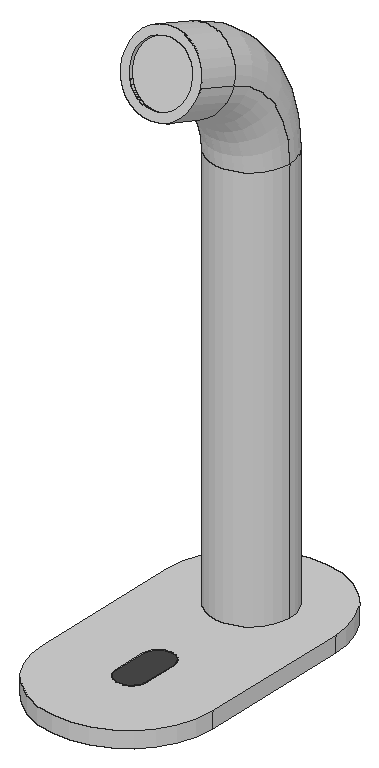
Revit family "LIANO II SENSOR 175 WALL OUTLET SALES KIT", category Specialty Equipment, host Face, Revit 2019
Family settings
  Host = Face
  Round Connector Dimension = Use Radius
  Part Type = Normal
  OmniClass Number = 23.45.55.14
  OmniClass Title = Single Faucets
  Cut with Voids When Loaded = No
  Shared = No
  Room Calculation Point = No
Parameters (values of type "LIANO II SENSOR 175 WALL OUTLET SALES KIT – Chrome")
  URL = "https://www.caroma.com.au/"
  Model = "96386C6A"
  Material_Sensor = GWA-Acrylic-Black
  Material_Base = GWA_Metal-Chrome
  Manufacturer = "GWA Bathrooms & Kitchens"  # constant formula
  Keynote = ""
  Description = "LIANO II SENSOR 175 WALL OUTLET SALES KIT – Chrome"
  Default Elevation = 1000.00 mm
  CreatedBy_ANZRS = "GWA Bathrooms & Kitchens"  # constant formula
  Assembly Code = "C1030220"
Types (6, lengths in mm): name | Model | Material_Base | Description
  (no name) | "96386C6A" | GWA_Metal-Chrome | "LIANO II SENSOR 175 WALL OUTLET SALES KIT – Chrome"
  LIANO II SENSOR 175 WALL OUTLET SALES KIT – Chrome | "96386C6A" | GWA_Metal-Chrome | "LIANO II SENSOR 175 WALL OUTLET SALES KIT – Chrome"
  LIANO II SENSOR 175 WALL OUTLET SALES KIT – Matte Black | "96386B6A" | GWA-Metal-Black | "LIANO II SENSOR 175 WALL OUTLET SALES KIT – Matte Black"
  LIANO II SENSOR 175 WALL OUTLET SALES KIT – Brushed Brass | "96386BB6A" | GWA_Metal-Brushed-Brass | "LIANO II SENSOR 175 WALL OUTLET SALES KIT – Brushed Brass"
  LIANO II SENSOR 175 WALL OUTLET SALES KIT – Gunmetal | "96386GM6A" | GWA-Metal-Gunmetal Grey | "LIANO II SENSOR 175 WALL OUTLET SALES KIT – Gunmetal"
  LIANO II SENSOR 175 WALL OUTLET SALES KIT – Brushed Nickel | "96386BN6A" | GWA_Metal-Brushed-Nickel | "LIANO II SENSOR 175 WALL OUTLET SALES KIT – Brushed Nickel"
Reference planes
  plane 1 "Center (Front/Back)": y = 0
  plane 2: z = 0
  plane 3 "Center (Left/Right)": x = 0
  plane 4 "outletend": through (0, -32.256, 187.334) normal (0, 0.9397, -0.342)
Forms (mm)
  Extrusion 1, solid, material "GWA_Metal-Chrome" <- "Material_Base"
    sketch origin (0, 0, 0) x (1, 0, 0) y (0, 1, 0)
      loop
        arc (27.5, 0) -> (0, 27.5) -> (-27.5, 0) r 27.5
        line (-27.5, 0) -> (-27.5, -50)
        arc (-27.5, -50) -> (0, -77.5) -> (27.5, -50) r 27.5
        line (27.5, -50) -> (27.5, 0)
      loop
        arc (-5, -48.9) -> (0, -53.9) -> (5, -48.9) r 5
        line (5, -48.9) -> (5, -37.9)
        arc (5, -37.9) -> (0, -32.9) -> (-5, -37.9) r 5
        line (-5, -37.9) -> (-5, -48.9)
    from 0 to 5.2
  Sweep 2, solid, material "GWA_Metal-Chrome" <- "Material_Base"
    path origin (0, 0, 0) x (0, 1, 0) y (0, 0, 1)
      loop
        line (0, 5.2) -> (0, 137.571)
        arc (0, 137.571) -> (-6.33, 157.647) -> (-23.029, 170.461) r 35
        line (-23.029, 170.461) -> (-36.6, 175.4)
    profile origin (0, 0, 71.386) x (0, -1, 0) y (1, 0, 0)
      loop
        circle (0, 0) r 12.7
  Extrusion 3, void
    sketch origin (0, -88.691, 32.281) x (0, 0.34202, 0.939693) y (1, 0, 0)
      loop
        circle (152.304, 0) r 10
    from -1 to 1
  Extrusion 4, solid, material "GWA-Acrylic-Black" <- "Material_Sensor"
    sketch origin (0, 0, 0) x (1, 0, 0) y (0, 1, 0)
      loop
        arc (5, -37.9) -> (0, -32.9) -> (-5, -37.9) r 5
        line (-5, -37.9) -> (-5, -48.9)
        arc (-5, -48.9) -> (0, -53.9) -> (5, -48.9) r 5
        line (5, -48.9) -> (5, -37.9)
    from 0 to 5.2
Cuts and joins
  Extrusion 3 cuts Sweep 2
Lines and regions (mm)
  Masking region 1
    outline origin (0, 0, 0) x (1, 0, 0) y (0, 1, 0)
      loop
        arc (27.5, 0) -> (0, 27.5) -> (-27.5, 0) r 27.5
        line (-27.5, 0) -> (-27.5, -50)
        arc (-27.5, -50) -> (0, -77.5) -> (27.5, -50) r 27.5
        line (27.5, -50) -> (27.5, 0)
  Masking region 2
    outline origin (-50, 0, 0) x (0, 0, -1) y (0, -1, 0)
      loop
        line (-5.2, 12.7) -> (-137.571, 12.7)
        arc (-137.571, 12.7) -> (-150.362, 16.733) -> (-158.527, 27.373) r 22.3
        line (-158.527, 27.373) -> (-163.466, 40.944) -> (-187.334, 32.256) -> (-182.395, 18.686)
        arc (-182.395, 18.686) -> (-164.931, -4.074) -> (-137.571, -12.7) r 47.7
        line (-137.571, -12.7) -> (-5.2, -12.7) -> (-5.2, -27.5) -> (0, -27.5) -> (0, 77.5) -> (-5.2, 77.5) -> (-5.2, 12.7)
  Masking region 3
    outline origin (0, 0, 0) x (1, 0, 0) y (0, 0, 1)
      loop
        spline (12.7, 175.4) -> (12.267, 178.489) -> (10.999, 181.367) -> (8.98, 183.839) -> (6.35, 185.735) -> (3.287, 186.927) -> (0, 187.334) -> (-3.287, 186.927) -> (-6.35, 185.735) -> (-8.98, 183.839) -> (-10.999, 181.367) -> (-12.267, 178.489) -> (-12.7, 175.4)
        line (-12.7, 175.4) -> (-12.7, 5.2) -> (-27.5, 5.2) -> (-27.5, 0) -> (27.5, 0) -> (27.5, 5.2) -> (12.7, 5.2) -> (12.7, 175.4)
  symbolic lines
    curve 1: arc (27.5, 0, 0) -> (0, 27.5, 0) -> (-27.5, 0, 0) r 27.5
    curve 2: line (-27.5, 0, 0) -> (-27.5, -50, 0)
    curve 3: line (27.5, -50, 0) -> (27.5, 0, 0)
    curve 4: arc (-27.5, -50, 0) -> (0, -77.5, 0) -> (27.5, -50, 0) r 27.5
    curve 5: line (5, -48.9, 0) -> (5, -40.593, 0)
    curve 6: arc (-5, -48.9, 0) -> (0, -53.9, 0) -> (5, -48.9, 0) r 5
    curve 7: line (-5, -40.593, 0) -> (-5, -48.9, 0)
    curve 8: spline (-12.7, -36.6, 0) -> (-12.267, -37.724, 0) -> (-10.999, -38.772, 0) -> (-8.98, -39.671, 0) -> (-6.35, -40.362, 0) -> (-3.287, -40.796, 0) -> (0, -40.944, 0) -> (3.287, -40.796, 0) -> (6.35, -40.362, 0) -> (8.98, -39.671, 0) -> (10.999, -38.772, 0) -> (12.267, -37.724, 0) -> (12.7, -36.6, 0)
    curve 9: spline (12.7, -36.6, 0) -> (12.267, -35.476, 0) -> (10.999, -34.428, 0) -> (8.98, -33.529, 0) -> (6.35, -32.838, 0) -> (3.287, -32.404, 0) -> (0, -32.256, 0) -> (-3.287, -32.404, 0) -> (-6.35, -32.838, 0) -> (-8.98, -33.529, 0) -> (-10.999, -34.428, 0) -> (-12.267, -35.476, 0) -> (-12.7, -36.6, 0)
    curve 10: spline (0, -40.02, 0) -> (-2.588, -39.904, 0) -> (-5, -39.562, 0) -> (-7.071, -39.018, 0) -> (-8.66, -38.31, 0) -> (-9.659, -37.485, 0) -> (-10, -36.6, 0) -> (-9.659, -35.715, 0) -> (-8.66, -34.89, 0) -> (-7.071, -34.182, 0) -> (-5, -33.638, 0) -> (-2.588, -33.296, 0) -> (0, -33.18, 0)
    curve 11: spline (0, -33.18, 0) -> (2.588, -33.296, 0) -> (5, -33.638, 0) -> (7.071, -34.182, 0) -> (8.66, -34.89, 0) -> (9.659, -35.715, 0) -> (10, -36.6, 0) -> (9.659, -37.485, 0) -> (8.66, -38.31, 0) -> (7.071, -39.018, 0) -> (5, -39.562, 0) -> (2.588, -39.904, 0) -> (0, -40.02, 0)
    curve 12: arc (-12.7, 0, 0) -> (0, 12.7, 0) -> (12.7, 0, 0) r 12.7
    curve 13: line (-12.7, 0, 0) -> (-12.7, -36.6, 0)
    curve 14: line (12.7, 0, 0) -> (12.7, -36.6, 0)
    curve 15: line (-50, -77.5, 5.2) -> (-50, 27.5, 5.2)
    curve 16: line (-50, -77.5, 0) -> (-50, -77.5, 5.2)
    curve 17: line (-50, 27.5, 0) -> (-50, -77.5, 0)
    curve 18: line (-50, 27.5, 5.2) -> (-50, 27.5, 0)
    curve 19: line (-50, -32.256, 187.334) -> (-50, -18.686, 182.395)
    curve 20: line (-50, -40.944, 163.466) -> (-50, -27.373, 158.527)
    curve 21: arc (-50, -27.373, 158.527) -> (-50, -16.733, 150.362) -> (-50, -12.7, 137.571) r 22.3
    curve 22: arc (-50, -18.686, 182.395) -> (-50, 4.074, 164.931) -> (-50, 12.7, 137.571) r 47.7
    curve 23: line (-50, 12.7, 5.2) -> (-50, 12.7, 137.571)
    curve 24: line (-50, -12.7, 5.2) -> (-50, -12.7, 137.571)
    curve 25: line (-50, -32.256, 187.334) -> (-50, -40.944, 163.466)
    curve 26: spline (12.7, 0, 175.4) -> (12.267, 0, 178.489) -> (10.999, 0, 181.367) -> (8.98, 0, 183.839) -> (6.35, 0, 185.735) -> (3.287, 0, 186.927) -> (0, 0, 187.334) -> (-3.287, 0, 186.927) -> (-6.35, 0, 185.735) -> (-8.98, 0, 183.839) -> (-10.999, 0, 181.367) -> (-12.267, 0, 178.489) -> (-12.7, 0, 175.4)
    curve 27: line (27.5, 0, 5.2) -> (-27.5, 0, 5.2)
    curve 28: line (27.5, 0, 0) -> (27.5, 0, 5.2)
    curve 29: line (-27.5, 0, 0) -> (27.5, 0, 0)
    curve 30: line (-27.5, 0, 5.2) -> (-27.5, 0, 0)
    curve 31: line (12.7, 0, 175.4) -> (12.7, 0, 5.2)
    curve 32: line (-12.7, 0, 175.4) -> (-12.7, 0, 5.2)
Dimensions and locks
  aligned and locked: plane 2 to host face
  aligned and locked: level to host face
